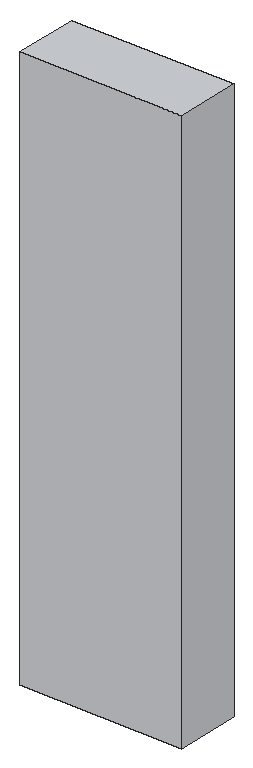
Revit family "Тумба по циклон", category Обобщенные модели, Revit 2025
Family settings
  Может служить основой для арматурных стержней = Нет
  Размер круглого соединителя = Использовать диаметр
  Тип детали = Нормальный
  На основе рабочей плоскости = Нет
  Всегда вертикально = Да
  При загрузке вырезать с полостями = Нет
  Сохранять ориентацию аннотаций = Нет
  Общий = Нет
  Точка принадлежности помещению = Нет
Parameters
  Ширина = 80 mm
  Отметка по умолчанию = 0 mm
  Длина = 200 mm
  Высота = 700 mm
Reference planes
  plane 1 "По центру (Вперед/Назад)": y = 0
  plane 2: z = 0
  plane 3 "По центру (Влево/Вправо)": x = 0
  plane 4: y = 40
  plane 5: y = -40
  plane 6: x = -100
  plane 7: x = 100
  plane 8: z = 700
Forms (mm)
  Extrusion 1, solid
    sketch origin (0, 0, 0) x (1, 0, 0) y (0, 1, 0)
      loop
        line (-100, 40) -> (-100, -40) -> (100, -40) -> (100, 40) -> (-100, 40)
    from 0 to 700
Dimensions and locks
  "Длина": plane 6 to plane 7
  "Ширина": plane 4 to plane 5
  "Высота": plane 8 to plane 2
  equal spacing: plane 6, plane 3 "По центру (Влево/Вправо)", plane 7
  equal spacing: plane 4, plane 1 "По центру (Вперед/Назад)", plane 5
  aligned and locked: level to plane 2
  aligned and locked: Extrusion 1 sketch curve to plane 4
  aligned and locked: plane 6 to Extrusion 1 sketch curve
  aligned and locked: plane 5 to Extrusion 1 sketch curve
  aligned and locked: Extrusion 1 sketch curve to plane 7
  aligned and locked: plane 8 to Extrusion 1
